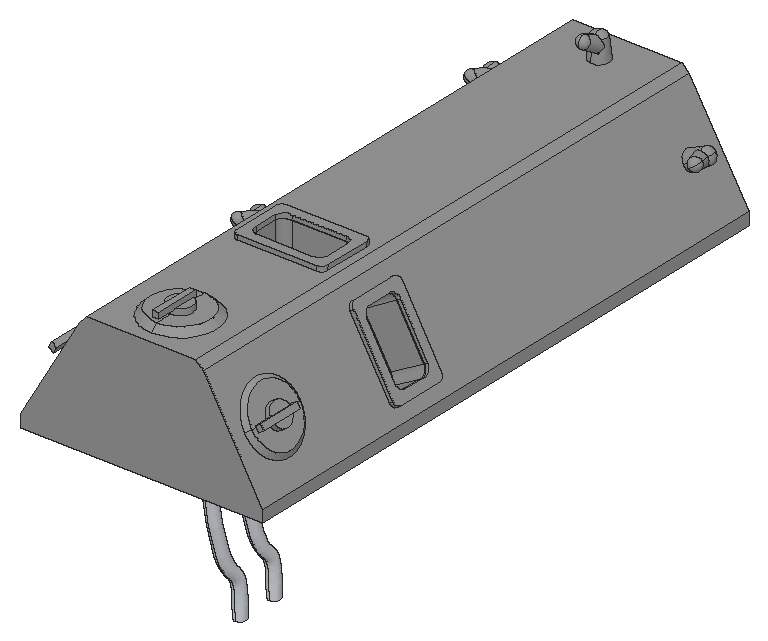
Revit family "3_Station_Surface_Shower-Willoughby-CWTS-HCA-L", category Plumbing Fixtures, Revit 2015
Parameters (values of type "Standard")
  Waste Connection = no
  Vent Connection = yes
  URL = "https://www.willoughby-ind.com/wp-content/uploads/2018/01/CWTS-HCA.pdf"
  Revision = "A"
  Model = "CWTS-HCA-L"
  Manufacturer = "Willoughby Industries"
  HW Connection = yes
  HCW DIA = 1/2"
  Fixture Body = Stainless Steel AISI 304-Willoughby
  Description = "Handicap Accessible 3 Station Surface Shower, Left Hand HCA Shower Station"
  Default Elevation = 0' - 0"
  Contact = "(800) 428-4065"
  CW Connection = yes
Reference planes (in)
  plane 1 "Center (Front/Back)": y = 0
  plane 2: z = 0
  plane 3 "Center (Left/Right)": x = 0
  plane 4 "Unit Left": x = -10
  plane 5 "Unit Right": x = 10
  plane 6: x = -4.5
  plane 7: x = 4.5
  plane 8: z = 9.5
  plane 9 "Shower HGT": y = 69.875
  plane 10 "Top Of Unit": y = 74.875
  plane 11 "Bottom Of Unit": y = 50.875
  plane 12: y = 54.875
  plane 13: y = 58.875
  plane 14: y = 98
  plane 15: y = 72
  plane 16: y = 98
  plane 17: through (7.54626, 0, 5.25) normal (-0.5, 0, 0.866)
  plane 18: through (-7.54626, 0, 5.25) normal (0.5, 0, 0.866)
  plane 19: y = 98
  plane 20: y = 74
Forms (in)
  Extrusion 1, solid, material "Stainless Steel AISI 304-Willoughby" <- "Fixture Body"
    sketch origin (0, 50.875, 0) x (-1, 0, 0) y (0, 0, 1)
      loop
        line (-10, 0) -> (10, 0) -> (10, 1) -> (5.09252, 9.5) -> (4.5, 10.09252) -> (-4.5, 10.09252) -> (-5.09252, 9.5) -> (-10, 1) -> (-10, 0)
    from 0 to 50
  Revolve 2, solid, material "Stainless Steel AISI 304-Willoughby" <- "Fixture Body"
    sketch origin (0, 28.5, 9.90502) x (0, 1, 0) y (0, 0, 1)
      loop
        line (69.5, 0.1875) -> (69.5, 2.28484)
        arc (69.5, 2.28484) -> (69.12162, 2.19469) -> (68.84934, 1.91689) r 0.70187
        line (68.84934, 1.91689) -> (68.69804, 0.1875) -> (69.5, 0.1875)
      axis (69.5, 2.28484) -> (69.5, 0.1875)
    angle from 0 to 360
  Revolve 3, solid, material "Stainless Steel AISI 304-Willoughby" <- "Fixture Body"
    sketch origin (0, 28.8908, 9.77874) x (0, 1, 0) y (0, 0, 1)
      loop
        line (68.86396, 0.80717) -> (69.21616, 1.37081) -> (67.06125, 2.46981)
        arc (67.06125, 2.46981) -> (67.03111, 2.08823) -> (67.27967, 1.79714) r 0.5
        line (67.27967, 1.79714) -> (68.86396, 0.80717)
      axis (69.21616, 1.37081) -> (67.06125, 2.46981)
    angle from 0 to 360
  Extrusion 4, solid, material "Stainless Steel AISI 304-Willoughby" <- "Fixture Body", detail levels medium+fine
    sketch origin (0, 11.375, 9.90502) x (1, 0, 0) y (0, 1, 0)
      loop
        arc (-3.75, 54) -> (-3.60355, 53.64645) -> (-3.25, 53.5) r 0.5
        line (-3.25, 53.5) -> (3.25, 53.5)
        arc (3.25, 53.5) -> (3.60355, 53.64645) -> (3.75, 54) r 0.5
        line (3.75, 54) -> (3.75, 58)
        arc (3.75, 58) -> (3.60355, 58.35355) -> (3.25, 58.5) r 0.5
        line (3.25, 58.5) -> (-3.25, 58.5)
        arc (-3.25, 58.5) -> (-3.60355, 58.35355) -> (-3.75, 58) r 0.5
        line (-3.75, 58) -> (-3.75, 54)
      loop
        arc (-3, 55) -> (-2.78033, 54.46967) -> (-2.25, 54.25) r 0.75
        line (-2.25, 54.25) -> (2.25, 54.25)
        arc (2.25, 54.25) -> (2.78033, 54.46967) -> (3, 55) r 0.75
        line (3, 55) -> (3, 57)
        arc (3, 57) -> (2.78033, 57.53033) -> (2.25, 57.75) r 0.75
        line (2.25, 57.75) -> (-2.25, 57.75)
        arc (-2.25, 57.75) -> (-2.78033, 57.53033) -> (-3, 57) r 0.75
        line (-3, 57) -> (-3, 55)
    from 0.1875 to 0.5625
  Extrusion 5, void
    sketch origin (0, 11.375, 9.90502) x (1, 0, 0) y (0, 1, 0)
      loop
        line (-3, 57) -> (-3, 55)
        arc (-3, 55) -> (-2.78033, 54.46967) -> (-2.25, 54.25) r 0.75
        line (-2.25, 54.25) -> (2.25, 54.25)
        arc (2.25, 54.25) -> (2.78033, 54.46967) -> (3, 55) r 0.75
        line (3, 55) -> (3, 57)
        arc (3, 57) -> (2.78033, 57.53033) -> (2.25, 57.75) r 0.75
        line (2.25, 57.75) -> (-2.25, 57.75)
        arc (-2.25, 57.75) -> (-2.78033, 57.53033) -> (-3, 57) r 0.75
    from 0.5625 to -3
  Revolve 6, solid, material "Stainless Steel AISI 304-Willoughby" <- "Fixture Body"
    sketch origin (0, -6.625, 0.59252) x (0, 1, 0) y (0, 0, 1)
      loop
        line (61.5, 9.5) -> (61.5, 10.5) -> (60.5, 10.5) -> (60.5, 10.03033) -> (59.03033, 10.03033) -> (58.5, 9.5) -> (61.5, 9.5)
      axis (61.5, 10.5) -> (61.5, 9.5)
    angle from 0 to 360
  Extrusion 7, solid, material "Stainless Steel AISI 304-Willoughby" <- "Fixture Body"
    sketch origin (0, -6.625, 0.45747) x (0, 1, 0) y (0, 0, 1)
      loop
        line (62.5, 10.5) -> (62.75, 10.5) -> (62.75, 11) -> (59, 11) -> (59, 10.5) -> (62.5, 10.5)
    from -0.25 to 0.25
  Revolve 8, solid, material "Stainless Steel AISI 304-Willoughby" <- "Fixture Body"
    sketch origin (7.38388, 28.5, 5.15625) x (0, 1, 0) y (0.866025, 0, 0.5)
      loop
        line (69.5, 0.1875) -> (69.5, 2.28484)
        arc (69.5, 2.28484) -> (69.12162, 2.19469) -> (68.84934, 1.91689) r 0.70187
        line (68.84934, 1.91689) -> (68.69804, 0.1875) -> (69.5, 0.1875)
      axis (69.5, 2.28484) -> (69.5, 0.1875)
    angle from 0 to 360
  Revolve 9, solid, material "Stainless Steel AISI 304-Willoughby" <- "Fixture Body"
    sketch origin (7.27452, 28.8908, 5.09311) x (0, 1, 0) y (0.866025, 0, 0.5)
      loop
        line (68.86396, 0.80717) -> (69.21616, 1.37081) -> (67.06125, 2.46981)
        arc (67.06125, 2.46981) -> (67.03111, 2.08823) -> (67.27967, 1.79714) r 0.5
        line (67.27967, 1.79714) -> (68.86396, 0.80717)
      axis (69.21616, 1.37081) -> (67.06125, 2.46981)
    angle from 0 to 360
  Extrusion 10, solid, material "Stainless Steel AISI 304-Willoughby" <- "Fixture Body", detail levels medium+fine
    sketch origin (7.38388, 11.375, 5.15625) x (0.5, 0, -0.866025) y (0, 1, 0)
      loop
        arc (-3.75, 54) -> (-3.60355, 53.64645) -> (-3.25, 53.5) r 0.5
        line (-3.25, 53.5) -> (3.25, 53.5)
        arc (3.25, 53.5) -> (3.60355, 53.64645) -> (3.75, 54) r 0.5
        line (3.75, 54) -> (3.75, 58)
        arc (3.75, 58) -> (3.60355, 58.35355) -> (3.25, 58.5) r 0.5
        line (3.25, 58.5) -> (-3.25, 58.5)
        arc (-3.25, 58.5) -> (-3.60355, 58.35355) -> (-3.75, 58) r 0.5
        line (-3.75, 58) -> (-3.75, 54)
      loop
        arc (-3, 55) -> (-2.78033, 54.46967) -> (-2.25, 54.25) r 0.75
        line (-2.25, 54.25) -> (2.25, 54.25)
        arc (2.25, 54.25) -> (2.78033, 54.46967) -> (3, 55) r 0.75
        line (3, 55) -> (3, 57)
        arc (3, 57) -> (2.78033, 57.53033) -> (2.25, 57.75) r 0.75
        line (2.25, 57.75) -> (-2.25, 57.75)
        arc (-2.25, 57.75) -> (-2.78033, 57.53033) -> (-3, 57) r 0.75
        line (-3, 57) -> (-3, 55)
    from 0.1875 to 0.5625
  Extrusion 11, void
    sketch origin (7.38388, 11.375, 5.15625) x (0.5, 0, -0.866025) y (0, 1, 0)
      loop
        line (-3, 57) -> (-3, 55)
        arc (-3, 55) -> (-2.78033, 54.46967) -> (-2.25, 54.25) r 0.75
        line (-2.25, 54.25) -> (2.25, 54.25)
        arc (2.25, 54.25) -> (2.78033, 54.46967) -> (3, 55) r 0.75
        line (3, 55) -> (3, 57)
        arc (3, 57) -> (2.78033, 57.53033) -> (2.25, 57.75) r 0.75
        line (2.25, 57.75) -> (-2.25, 57.75)
        arc (-2.25, 57.75) -> (-2.78033, 57.53033) -> (-3, 57) r 0.75
    from 0.5625 to -3
  Revolve 12, solid, material "Stainless Steel AISI 304-Willoughby" <- "Fixture Body"
    sketch origin (-0.79794, -6.625, 0.43247) x (0, 1, 0) y (0.866025, 0, 0.5)
      loop
        line (61.5, 9.5) -> (61.5, 10.5) -> (60.5, 10.5) -> (60.5, 10.03033) -> (59.03033, 10.03033) -> (58.5, 9.5) -> (61.5, 9.5)
      axis (61.5, 10.5) -> (61.5, 9.5)
    angle from 0 to 360
  Extrusion 13, solid, material "Stainless Steel AISI 304-Willoughby" <- "Fixture Body"
    sketch origin (-0.79794, -6.625, 0.43247) x (0, 1, 0) y (0.866025, 0, 0.5)
      loop
        line (62.5, 10.5) -> (62.75, 10.5) -> (62.75, 11) -> (59, 11) -> (59, 10.5) -> (62.5, 10.5)
    from -0.25 to 0.25
  Revolve 14, solid, material "Stainless Steel AISI 304-Willoughby" <- "Fixture Body"
    sketch origin (-7.38388, 28.5, 5.15625) x (0, 1, 0) y (0.866025, 0, -0.5)
      loop
        line (69.5, -0.1875) -> (68.69804, -0.1875) -> (68.84934, -1.91689)
        arc (68.84934, -1.91689) -> (69.12162, -2.19469) -> (69.5, -2.28484) r 0.70187
        line (69.5, -2.28484) -> (69.5, -0.1875)
      axis (69.5, -2.28484) -> (69.5, -0.1875)
    angle from 0 to 360
  Revolve 15, solid, material "Stainless Steel AISI 304-Willoughby" <- "Fixture Body"
    sketch origin (-7.27452, 28.8908, 5.09311) x (0, 1, 0) y (0.866025, 0, -0.5)
      loop
        line (68.86396, -0.80717) -> (67.27967, -1.79714)
        arc (67.27967, -1.79714) -> (67.03111, -2.08823) -> (67.06125, -2.46981) r 0.5
        line (67.06125, -2.46981) -> (69.21616, -1.37081) -> (68.86396, -0.80717)
      axis (69.21616, -1.37081) -> (67.06125, -2.46981)
    angle from 0 to 360
  Extrusion 16, solid, material "Stainless Steel AISI 304-Willoughby" <- "Fixture Body", detail levels medium+fine
    sketch origin (-7.38388, 11.375, 5.15625) x (-0.5, 0, -0.866025) y (0, -1, 0)
      loop
        line (-3.75, -54) -> (-3.75, -58)
        arc (-3.75, -58) -> (-3.60355, -58.35355) -> (-3.25, -58.5) r 0.5
        line (-3.25, -58.5) -> (3.25, -58.5)
        arc (3.25, -58.5) -> (3.60355, -58.35355) -> (3.75, -58) r 0.5
        line (3.75, -58) -> (3.75, -54)
        arc (3.75, -54) -> (3.60355, -53.64645) -> (3.25, -53.5) r 0.5
        line (3.25, -53.5) -> (-3.25, -53.5)
        arc (-3.25, -53.5) -> (-3.60355, -53.64645) -> (-3.75, -54) r 0.5
      loop
        line (-3, -55) -> (-3, -57)
        arc (-3, -57) -> (-2.78033, -57.53033) -> (-2.25, -57.75) r 0.75
        line (-2.25, -57.75) -> (2.25, -57.75)
        arc (2.25, -57.75) -> (2.78033, -57.53033) -> (3, -57) r 0.75
        line (3, -57) -> (3, -55)
        arc (3, -55) -> (2.78033, -54.46967) -> (2.25, -54.25) r 0.75
        line (2.25, -54.25) -> (-2.25, -54.25)
        arc (-2.25, -54.25) -> (-2.78033, -54.46967) -> (-3, -55) r 0.75
    from 0.1875 to 0.5625
  Extrusion 17, void
    sketch origin (-7.38388, 11.375, 5.15625) x (-0.5, 0, -0.866025) y (0, -1, 0)
      loop
        arc (-3, -57) -> (-2.78033, -57.53033) -> (-2.25, -57.75) r 0.75
        line (-2.25, -57.75) -> (2.25, -57.75)
        arc (2.25, -57.75) -> (2.78033, -57.53033) -> (3, -57) r 0.75
        line (3, -57) -> (3, -55)
        arc (3, -55) -> (2.78033, -54.46967) -> (2.25, -54.25) r 0.75
        line (2.25, -54.25) -> (-2.25, -54.25)
        arc (-2.25, -54.25) -> (-2.78033, -54.46967) -> (-3, -55) r 0.75
        line (-3, -55) -> (-3, -57)
    from 0.5625 to -3
  Revolve 18, solid, material "Stainless Steel AISI 304-Willoughby" <- "Fixture Body"
    sketch origin (0.79794, -6.625, 0.43247) x (0, 1, 0) y (0.866025, 0, -0.5)
      loop
        line (61.5, -9.5) -> (58.5, -9.5) -> (59.03033, -10.03033) -> (60.5, -10.03033) -> (60.5, -10.5) -> (61.5, -10.5) -> (61.5, -9.5)
      axis (61.5, -10.5) -> (61.5, -9.5)
    angle from 0 to 360
  Extrusion 19, solid, material "Stainless Steel AISI 304-Willoughby" <- "Fixture Body"
    sketch origin (0.79794, -6.625, 0.43247) x (0, 1, 0) y (0.866025, 0, -0.5)
      loop
        line (62.5, -10.5) -> (59, -10.5) -> (59, -11) -> (62.75, -11) -> (62.75, -10.5) -> (62.5, -10.5)
    from -0.25 to 0.25
  Sweep 20, solid
    path origin (0, -9.54937, 0.05681) x (0, 1, 0) y (0, 0, 1)
      loop
        spline (66.24397, 4.06332) -> (66.79783, -0.61575) -> (67.3435, -4.19488) -> (67.87276, -6.83413) -> (68.37738, -8.69359) -> (68.84913, -9.93334) -> (69.27978, -10.71345) -> (69.66111, -11.194) -> (69.98487, -11.53506) -> (70.24286, -11.89674) -> (70.42855, -12.45422) -> (70.54041, -13.42679) -> (70.57784, -15.04169)
    profile origin (0, 59.73042, -10.65664) x (0, 0.828914, 0.559375) y (1, 0, 0)
      loop
        circle (0, 0) r 0.5
  Sweep 21, solid
    path origin (0, -6.04937, 0.05681) x (0, 1, 0) y (0, 0, 1)
      loop
        spline (66.24397, 4.06332) -> (66.79783, -0.61575) -> (67.3435, -4.19488) -> (67.87276, -6.83413) -> (68.37738, -8.69359) -> (68.84913, -9.93334) -> (69.27978, -10.71345) -> (69.66111, -11.194) -> (69.98487, -11.53506) -> (70.24286, -11.89674) -> (70.42855, -12.45422) -> (70.54041, -13.42679) -> (70.57784, -15.04169)
    profile origin (0, 63.23042, -10.65664) x (0, 0.828914, 0.559375) y (1, 0, 0)
      loop
        circle (0, 0) r 0.5
  Revolve 22, solid, material "Stainless Steel AISI 304-Willoughby" <- "Fixture Body"
    sketch origin (-7.38388, 4.5, 5.15625) x (0, 1, 0) y (0.866025, 0, -0.5)
      loop
        line (69.5, -0.1875) -> (68.69804, -0.1875) -> (68.84934, -1.91689)
        arc (68.84934, -1.91689) -> (69.12162, -2.19469) -> (69.5, -2.28484) r 0.70187
        line (69.5, -2.28484) -> (69.5, -0.1875)
      axis (69.5, -2.28484) -> (69.5, -0.1875)
    angle from 0 to 360
  Revolve 23, solid, material "Stainless Steel AISI 304-Willoughby" <- "Fixture Body"
    sketch origin (-7.27452, 4.8908, 5.09311) x (0, 1, 0) y (0.866025, 0, -0.5)
      loop
        line (68.86396, -0.80717) -> (67.27967, -1.79714)
        arc (67.27967, -1.79714) -> (67.03111, -2.08823) -> (67.06125, -2.46981) r 0.5
        line (67.06125, -2.46981) -> (69.21616, -1.37081) -> (68.86396, -0.80717)
      axis (69.21616, -1.37081) -> (67.06125, -2.46981)
    angle from 0 to 360
  Revolve 24, solid
    sketch origin (-0.57231, 63.6015, -0.98792) x (0.75, 0.5, -0.433013) y (0.433013, -0.866025, -0.25)
      loop
        line (-9.04481, -2.65109) -> (-9.91084, -3.15109) -> (-9.47334, -3.90886)
        arc (-9.47334, -3.90886) -> (-9.39744, -3.9671) -> (-9.30258, -3.95461) r 0.125
        line (-9.30258, -3.95461) -> (-8.54481, -3.51711) -> (-9.04481, -2.65109)
      axis (-9.04481, -2.65109) -> (-9.91084, -3.15109)
    angle from 0 to 360
  Revolve 25, solid
    sketch origin (-0.57231, 63.6015, -0.98792) x (0.75, 0.5, -0.433013) y (0.433013, -0.866025, -0.25)
      loop
        line (-9.74884, -3.05756) -> (-11.03009, -0.83837)
        arc (-11.03009, -0.83837) -> (-11.11745, -0.95222) -> (-11.09872, -1.09449) r 0.1875
        line (-11.09872, -1.09449) -> (-10.41122, -2.28528) -> (-9.91122, -3.15131) -> (-9.74884, -3.05756)
      axis (-9.74884, -3.05756) -> (-11.03009, -0.83837)
    angle from 0 to 360
Cuts and joins
  Extrusion 5, Extrusion 11, Extrusion 17 cuts Extrusion 1
  Extrusion 5, Extrusion 11 cuts Extrusion 4
  Extrusion 11, Extrusion 17 cuts Extrusion 10
  Extrusion 17 cuts Extrusion 16
Lines and regions (in)
  symbolic lines, detail levels medium+fine
    curve 1: line (0.49645, 70.49382, 0) -> (0.5999, 71.4781, 0)
  symbolic lines, detail levels fine
    curve 2: line (-3.25, 63.125, 0) -> (3.25, 63.125, 0)
    curve 3: line (3.75, 62.625, 0) -> (3.75, 58.625, 0)
    curve 4: line (3.25, 58.125, 0) -> (-3.25, 58.125, 0)
    curve 5: line (-3.75, 58.625, 0) -> (-3.75, 62.625, 0)
    curve 6: line (-2.25, 62.375, 0) -> (2.25, 62.375, 0)
    curve 7: line (3, 61.625, 0) -> (3, 59.625, 0)
    curve 8: line (2.25, 58.875, 0) -> (-2.25, 58.875, 0)
    curve 9: line (-3, 59.625, 0) -> (-3, 61.625, 0)
    curve 10: arc (-3.75, 62.625, 0) -> (-3.60355, 62.97855, 0) -> (-3.25, 63.125, 0) r 0.5
    curve 11: arc (3.25, 63.125, 0) -> (3.60355, 62.97855, 0) -> (3.75, 62.625, 0) r 0.5
    curve 12: arc (3.75, 58.625, 0) -> (3.60355, 58.27145, 0) -> (3.25, 58.125, 0) r 0.5
    curve 13: arc (-3.25, 58.125, 0) -> (-3.60355, 58.27145, 0) -> (-3.75, 58.625, 0) r 0.5
    curve 14: arc (-3, 61.625, 0) -> (-2.78033, 62.15533, 0) -> (-2.25, 62.375, 0) r 0.75
    curve 15: arc (2.25, 62.375, 0) -> (2.78033, 62.15533, 0) -> (3, 61.625, 0) r 0.75
    curve 16: arc (3, 59.625, 0) -> (2.78033, 59.09467, 0) -> (2.25, 58.875, 0) r 0.75
    curve 17: arc (-2.25, 58.875, 0) -> (-2.78033, 59.09467, 0) -> (-3, 59.625, 0) r 0.75
  symbolic lines
    curve 18: line (0, 50.875, 0) -> (0, 74.875, 0)
    curve 19: line (0, 74.875, 0) -> (0, 74.875, 10.09252)
    curve 20: line (0, 74.875, 10.09252) -> (0, 50.875, 10.09252)
    curve 21: line (0, 50.875, 10.09252) -> (0, 50.875, 0)
    curve 22: line (0, 50.875, 1) -> (0, 74.875, 1)
    curve 23: line (0, 50.875, 9.5) -> (0, 74.875, 9.5)
    curve 24: line (0, 63.125, 10.09252) -> (0, 63.125, 10.46752)
    curve 25: line (0, 63.125, 10.46752) -> (0, 58.125, 10.46752)
    curve 26: line (0, 58.125, 10.46752) -> (0, 58.125, 10.09252)
    curve 27: line (0, 57.875, 10.09252) -> (0, 57.34467, 10.62285)
    curve 28: line (0, 57.34467, 10.62285) -> (0, 52.40533, 10.62285)
    curve 29: line (0, 52.40533, 10.62285) -> (0, 51.875, 10.09252)
    curve 30: line (0, 55.875, 10.62285) -> (0, 55.875, 10.95747)
    curve 31: line (0, 53.875, 10.62285) -> (0, 53.875, 10.95747)
    curve 32: line (0, 53.875, 10.95747) -> (0, 52.375, 10.95747)
    curve 33: line (0, 52.375, 10.95747) -> (0, 52.375, 11.45747)
    curve 34: line (0, 52.375, 11.45747) -> (0, 56.125, 11.45747)
    curve 35: line (0, 56.125, 11.45747) -> (0, 56.125, 10.95747)
    curve 36: line (0, 56.125, 10.95747) -> (0, 55.875, 10.95747)
    curve 37: line (0, 72.80196, 10.09252) -> (0, 72.65066, 11.82191)
    curve 38: line (0, 71.19804, 10.09252) -> (0, 71.26764, 10.88802)
    curve 39: line (0, 71.26764, 10.88802) -> (0, 70.17047, 11.57588)
    curve 40: line (0, 71.59201, 12.08037) -> (0, 70.62479, 12.46672)
    curve 41: arc (0, 72.65066, 11.82191) -> (0, 72, 12.20154) -> (0, 71.34934, 11.82191) r 0.7474
    curve 42: arc (0, 70.62479, 12.46672) -> (0, 69.92599, 12.26184) -> (0, 70.17047, 11.57588) r 0.50082
    curve 43: line (0, 72.79617, 5.4068) -> (0, 72.6485, 6.16649)
    curve 44: line (0, 71.20655, 5.34847) -> (0, 71.2143, 5.39245)
    curve 45: line (0, 71.2143, 5.39245) -> (0, 70.17724, 5.76991)
    curve 46: line (0, 71.56605, 6.53737) -> (0, 70.51704, 6.70352)
    curve 47: spline (0, 70.51704, 6.70352) -> (0, 70.4031, 6.72698) -> (0, 70.28534, 6.71703) -> (0, 70.17179, 6.67434) -> (0, 70.07019, 6.60184) -> (0, 69.98747, 6.50445) -> (0, 69.92926, 6.38881) -> (0, 69.89952, 6.26281) -> (0, 69.90029, 6.13503) -> (0, 69.93151, 6.01418) -> (0, 69.99106, 5.9085) -> (0, 70.07487, 5.82518) -> (0, 70.17724, 5.76991)
    curve 48: arc (0, 72.6485, 6.16649) -> (0, 72.20813, 6.64629) -> (0, 71.56605, 6.53737) r 0.68153
    curve 49: arc (0, 72.65857, 6.1147) -> (0, 72.22724, 5.59794) -> (0, 71.56093, 5.69335) r 0.69096
    curve 50: arc (0, 71.56093, 5.69335) -> (0, 71.59887, 6.11442) -> (0, 71.56093, 6.53549) r 2.3559
    curve 51: line (0, 71.2143, 5.39245) -> (0, 71.52352, 5.27991)
    curve 52: line (0, 71.52352, 5.27991) -> (0, 71.62582, 5.27455)
    curve 53: arc (0, 71.62582, 5.27455) -> (0, 71.69267, 5.30292) -> (0, 71.71147, 5.37307) r 0.08284
    curve 54: arc (0, 71.71147, 5.37307) -> (0, 71.68871, 5.45244) -> (0, 71.65251, 5.52666) r 0.47368
    curve 55: line (0, 71.65251, 5.52666) -> (0, 71.57165, 5.68535)
    curve 56: arc (0, 72.79617, 5.4068) -> (0, 72.59448, 4.79677) -> (0, 72, 4.55302) r 0.76864
    curve 57: arc (0, 72, 4.55302) -> (0, 71.40214, 4.78085) -> (0, 71.2143, 5.39245) r 0.72888
    curve 58: arc (0, 62.375, 7.38606) -> (0, 62.1342, 7.86578) -> (0, 61.625, 8.03558) r 0.70273
    curve 59: line (0, 61.625, 8.03558) -> (0, 59.625, 8.03558)
    curve 60: arc (0, 59.625, 8.03558) -> (0, 59.12892, 7.85063) -> (0, 58.875, 7.38606) r 0.75777
    curve 61: line (0, 58.875, 7.38606) -> (0, 58.875, 3.48894)
    curve 62: arc (0, 58.875, 3.48894) -> (0, 59.10163, 2.99286) -> (0, 59.625, 2.83942) r 0.65625
    curve 63: line (0, 59.625, 2.83942) -> (0, 61.625, 2.83942)
    curve 64: arc (0, 61.625, 2.83942) -> (0, 62.12108, 3.02437) -> (0, 62.375, 3.48894) r 0.75777
    curve 65: line (0, 62.375, 3.48894) -> (0, 62.375, 7.38606)
    curve 66: line (0, 62.69199, 8.6851) -> (0, 58.625, 8.6851)
    curve 67: line (0, 58.125, 8.25208) -> (0, 58.125, 2.62292)
    curve 68: line (0, 58.625, 2.1899) -> (0, 62.625, 2.1899)
    curve 69: line (0, 63.125, 2.6899) -> (0, 63.125, 8.25208)
    curve 70: arc (0, 63.125, 8.25208) -> (0, 62.99817, 8.55827) -> (0, 62.69199, 8.6851) r 0.43301
    curve 71: arc (0, 58.625, 8.6851) -> (0, 58.27609, 8.5828) -> (0, 58.125, 8.25208) r 0.4375
    curve 72: arc (0, 58.125, 2.62292) -> (0, 58.29428, 2.3132) -> (0, 58.625, 2.1899) r 0.50518
    curve 73: arc (0, 62.625, 2.1899) -> (0, 62.97855, 2.33635) -> (0, 63.125, 2.6899) r 0.5
    curve 74: spline (0, 57.34467, 5.44764) -> (0, 57.26052, 5.99854) -> (0, 57.0138, 6.51189) -> (0, 56.62132, 6.95272) -> (0, 56.10983, 7.29097) -> (0, 55.5142, 7.50361) -> (0, 54.875, 7.57614) -> (0, 54.2358, 7.50361) -> (0, 53.64017, 7.29097) -> (0, 53.12868, 6.95272) -> (0, 52.7362, 6.51189) -> (0, 52.48948, 5.99854) -> (0, 52.40533, 5.44764)
    curve 75: spline (0, 52.40533, 5.44764) -> (0, 52.48948, 4.88997) -> (0, 52.7362, 4.37031) -> (0, 53.12868, 3.92406) -> (0, 53.64017, 3.58165) -> (0, 54.2358, 3.36639) -> (0, 54.875, 3.29298) -> (0, 55.5142, 3.36639) -> (0, 56.10983, 3.58165) -> (0, 56.62132, 3.92406) -> (0, 57.0138, 4.37031) -> (0, 57.26052, 4.88997) -> (0, 57.34467, 5.44764)
    curve 76: spline (0, 52.0291, 5.44759) -> (0, 52.1259, 4.73584) -> (0, 52.40971, 4.07259) -> (0, 52.86119, 3.50305) -> (0, 53.44958, 3.06602) -> (0, 54.13476, 2.79129) -> (0, 54.87006, 2.69759) -> (0, 55.60535, 2.79129) -> (0, 56.29054, 3.06602) -> (0, 56.87892, 3.50305) -> (0, 57.3304, 4.07259) -> (0, 57.61422, 4.73584) -> (0, 57.71102, 5.44759)
    curve 77: spline (0, 57.71102, 5.44759) -> (0, 57.61422, 6.02993) -> (0, 57.3304, 6.57259) -> (0, 56.87892, 7.03858) -> (0, 56.29054, 7.39615) -> (0, 55.60535, 7.62092) -> (0, 54.87006, 7.69759) -> (0, 54.13476, 7.62092) -> (0, 53.44958, 7.39615) -> (0, 52.86119, 7.03858) -> (0, 52.40971, 6.57259) -> (0, 52.1259, 6.02993) -> (0, 52.0291, 5.44759)
    curve 78: line (0, 56.125, 6.14898) -> (0, 52.375, 6.14898)
    curve 79: line (0, 52.375, 6.14898) -> (0, 52.375, 5.46597)
    curve 80: line (0, 52.375, 5.46597) -> (0, 56.125, 5.46597)
    curve 81: line (0, 56.125, 5.46597) -> (0, 56.125, 6.14898)
    curve 82: line (0, 56.125, 5.71597) -> (0, 52.375, 5.71597)
    curve 83: spline (0, 55.875, 5.46597) -> (0, 55.84093, 5.23747) -> (0, 55.74103, 5.02455) -> (0, 55.58211, 4.84171) -> (0, 55.375, 4.70141) -> (0, 55.13382, 4.61322) -> (0, 54.875, 4.58314) -> (0, 54.61618, 4.61322) -> (0, 54.375, 4.70141) -> (0, 54.16789, 4.84171) -> (0, 54.00897, 5.02455) -> (0, 53.90907, 5.23747) -> (0, 53.875, 5.46597)
    curve 84: spline (0, 53.875, 5.46597) -> (0, 53.90797, 5.29825) -> (0, 54.00463, 5.14196) -> (0, 54.15839, 5.00775) -> (0, 54.35877, 4.90477) -> (0, 54.59213, 4.84003) -> (0, 54.84255, 4.81795) -> (0, 55.09297, 4.84003) -> (0, 55.32632, 4.90477) -> (0, 55.52671, 5.00775) -> (0, 55.68047, 5.14196) -> (0, 55.77713, 5.29825) -> (0, 55.81009, 5.46597)
    curve 85: arc (0, 55.71829, 6.14898) -> (0, 54.87632, 6.5492) -> (0, 54.03435, 6.14898) r 1.08577
    curve 86: line (10, 50.875, 0) -> (10, 50.875, 1)
    curve 87: line (10, 50.875, 1) -> (5.09252, 50.875, 9.5)
    curve 88: line (5.09252, 50.875, 9.5) -> (4.5, 50.875, 10.09252)
    curve 89: line (4.5, 50.875, 10.09252) -> (-4.5, 50.875, 10.09252)
    curve 90: line (-4.5, 50.875, 10.09252) -> (-5.09252, 50.875, 9.5)
    curve 91: line (-5.09252, 50.875, 9.5) -> (-10, 50.875, 1)
    curve 92: line (-10, 50.875, 1) -> (-10, 50.875, 0)
    curve 93: line (-10, 50.875, 0) -> (10, 50.875, 0)
    curve 94: line (9.42126, 50.875, 2.0024) -> (9.74602, 50.875, 2.1899)
    curve 95: line (9.74602, 50.875, 2.1899) -> (5.99602, 50.875, 8.6851)
    curve 96: line (5.99602, 50.875, 8.6851) -> (5.67126, 50.875, 8.4976)
    curve 97: line (3.75, 50.875, 10.09252) -> (3.75, 50.875, 10.46752)
    curve 98: line (3.75, 50.875, 10.46752) -> (-3.75, 50.875, 10.46752)
    curve 99: line (-3.75, 50.875, 10.46752) -> (-3.75, 50.875, 10.09252)
    curve 100: line (-5.67126, 50.875, 8.4976) -> (-5.99602, 50.875, 8.6851)
    curve 101: line (-5.99602, 50.875, 8.6851) -> (-9.74602, 50.875, 2.1899)
    curve 102: line (-9.74602, 50.875, 2.1899) -> (-9.42126, 50.875, 2.0024)
    curve 103: line (7.92126, 50.875, 4.60048) -> (9.36929, 50.875, 5.55121)
    curve 104: line (8.37102, 50.875, 4.57147) -> (8.79533, 50.875, 4.81645)
    curve 105: line (8.79533, 50.875, 4.81645) -> (8.64549, 50.875, 5.07599)
    curve 106: line (7.14485, 50.875, 5.94526) -> (8.71863, 50.875, 6.67818)
    curve 107: arc (8.71863, 50.875, 6.67818) -> (9.36756, 50.875, 6.30152) -> (9.36929, 50.875, 5.55121) r 0.75333
    curve 108: arc (8.94982, 50.875, 6.6407) -> (9.65511, 50.875, 6.46754) -> (9.45243, 50.875, 5.77017) r 0.50305
    curve 109: line (2.6126, 50.875, 10.46752) -> (2.45727, 50.875, 10.62285)
    curve 110: line (2.45727, 50.875, 10.62285) -> (0.74353, 50.875, 10.62285)
    curve 111: line (1, 50.875, 10.62285) -> (1, 50.875, 11.09252)
    curve 112: line (0.79779, 50.875, 10.09252) -> (0.65066, 50.875, 11.82191)
    curve 113: line (-0.79996, 50.875, 10.09252) -> (-0.65066, 50.875, 11.82191)
    curve 114: line (-0.71363, 50.875, 11.09252) -> (-1, 50.875, 11.09252)
    curve 115: line (-1, 50.875, 11.09252) -> (-1, 50.875, 10.62285)
    curve 116: line (1, 50.875, 11.09252) -> (0.71271, 50.875, 11.09252)
    curve 117: line (-0.75418, 50.875, 10.62285) -> (-2.46967, 50.875, 10.62285)
    curve 118: line (-2.46967, 50.875, 10.62285) -> (-2.625, 50.875, 10.46752)
    curve 119: line (-2.46967, 50.875, 10.62285) -> (-2.625, 50.875, 10.46752)
    curve 120: arc (0.65066, 50.875, 11.82191) -> (0, 50.875, 12.19591) -> (-0.65066, 50.875, 11.82191) r 0.75299
    curve 121: arc (0.51122, 50.875, 11.99577) -> (0, 50.875, 12.50699) -> (-0.51122, 50.875, 11.99577) r 0.51122
    curve 122: line (-7.79533, 50.875, 6.5485) -> (-7.37102, 50.875, 6.30353)
    curve 123: line (-7.79533, 50.875, 6.5485) -> (-7.93047, 50.875, 6.31443)
    curve 124: line (-7.93047, 50.875, 6.31443) -> (-8.71863, 50.875, 6.67818)
    curve 125: line (-8.79533, 50.875, 4.81645) -> (-8.65857, 50.875, 5.05333)
    curve 126: line (-8.79533, 50.875, 4.81645) -> (-8.37102, 50.875, 4.57147)
    curve 127: line (-8.65857, 50.875, 5.05333) -> (-9.36929, 50.875, 5.55121)
    curve 128: arc (-9.36929, 50.875, 5.55121) -> (-9.36713, 50.875, 6.30128) -> (-8.71863, 50.875, 6.67818) r 0.75383
    curve 129: arc (-8.94302, 50.875, 6.64266) -> (-9.64939, 50.875, 6.46424) -> (-9.45071, 50.875, 5.7633) r 0.50791
    curve 130: arc (-3, 54.875, 0) -> (0, 57.875, 0) -> (3, 54.875, 0) r 3
    curve 131: arc (3, 54.875, 0) -> (0, 51.875, 0) -> (-3, 54.875, 0) r 3
    curve 132: circle (0, 54.875, 0) r 2.46967 normal (0, 0, 1)
    curve 133: circle (0, 54.875, 0) r 1 normal (0, 0, 1)
    curve 134: line (-0.25, 56.125, 0) -> (0.25, 56.125, 0)
    curve 135: line (0.25, 56.125, 0) -> (0.25, 52.375, 0)
    curve 136: line (0.25, 52.375, 0) -> (-0.25, 52.375, 0)
    curve 137: line (-0.25, 52.375, 0) -> (-0.25, 56.125, 0)
    curve 138: line (6.24602, 63.125, 0) -> (9.49602, 63.125, 0)
    curve 139: line (9.74602, 62.625, 0) -> (9.74602, 58.625, 0)
    curve 140: line (9.49602, 58.125, 0) -> (5.92126, 58.125, 0)
    curve 141: line (5.67126, 58.625, 0) -> (5.67126, 62.625, 0)
    curve 142: line (5.99602, 62.625, 0) -> (5.99602, 58.625, 0)
    curve 143: line (9.42126, 58.625, 0) -> (9.42126, 62.625, 0)
    curve 144: line (8.67126, 58.875, 0) -> (6.74602, 58.875, 0)
    curve 145: line (5.92126, 63.125, 0) -> (6.24602, 63.125, 0)
    curve 146: arc (9.49602, 63.125, 0) -> (9.59756, 63.07229, 0) -> (9.67023, 62.98393, 0) r 0.28533
    curve 147: arc (9.67023, 62.98393, 0) -> (9.73326, 62.80977, 0) -> (9.74602, 62.625, 0) r 0.66759
    curve 148: arc (9.42126, 62.625, 0) -> (9.39932, 62.81762, 0) -> (9.3346, 63.00036, 0) r 0.85626
    curve 149: arc (9.3346, 63.00036, 0) -> (9.26769, 63.08203, 0) -> (9.17126, 63.125, 0) r 0.229
    curve 150: arc (5.67126, 62.625, 0) -> (5.69346, 62.81982, 0) -> (5.75891, 63.00465, 0) r 0.86605
    curve 151: arc (5.75891, 63.00465, 0) -> (5.82539, 63.08465, 0) -> (5.92126, 63.125, 0) r 0.21919
    curve 152: arc (5.99602, 62.625, 0) -> (6.01544, 62.80974, 0) -> (6.07284, 62.98641, 0) r 0.88857
    curve 153: arc (6.07284, 62.98641, 0) -> (6.14258, 63.07676, 0) -> (6.24602, 63.125, 0) r 0.24155
    curve 154: arc (9.67044, 58.26944, 0) -> (9.72823, 58.44297, 0) -> (9.74602, 58.625, 0) r 0.81795
    curve 155: arc (9.67044, 58.26944, 0) -> (9.5996, 58.17746, 0) -> (9.49602, 58.125, 0) r 0.2627
    curve 156: arc (9.42126, 58.625, 0) -> (9.40199, 58.44166, 0) -> (9.34503, 58.26634, 0) r 0.8818
    curve 157: arc (9.34503, 58.26634, 0) -> (9.2794, 58.17765, 0) -> (9.18243, 58.125, 0) r 0.25488
    curve 158: arc (5.99602, 58.625, 0) -> (6.01489, 58.44543, 0) -> (6.07069, 58.2737, 0) r 0.86369
    curve 159: arc (6.07069, 58.2737, 0) -> (6.1414, 58.17936, 0) -> (6.24602, 58.125, 0) r 0.2651
    curve 160: arc (5.67126, 58.625, 0) -> (5.69606, 58.42301, 0) -> (5.76899, 58.23302, 0) r 0.83493
    curve 161: arc (5.76899, 58.23302, 0) -> (5.83234, 58.16098, 0) -> (5.92126, 58.125, 0) r 0.20814
    curve 162: spline (7.4293, 57.875, 0) -> (7.04108, 57.77278, 0) -> (6.6793, 57.47308, 0) -> (6.36864, 56.99632, 0) -> (6.13027, 56.375, 0) -> (5.98042, 55.65146, 0) -> (5.9293, 54.875, 0) -> (5.98042, 54.09854, 0) -> (6.13027, 53.375, 0) -> (6.36864, 52.75368, 0) -> (6.6793, 52.27692, 0) -> (7.04108, 51.97722, 0) -> (7.4293, 51.875, 0)
    curve 163: spline (7.4293, 51.875, 0) -> (7.86195, 51.97722, 0) -> (8.2651, 52.27692, 0) -> (8.6113, 52.75368, 0) -> (8.87695, 53.375, 0) -> (9.04395, 54.09854, 0) -> (9.10091, 54.875, 0) -> (9.04395, 55.65146, 0) -> (8.87695, 56.375, 0) -> (8.6113, 56.99632, 0) -> (8.2651, 57.47308, 0) -> (7.86195, 57.77278, 0) -> (7.4293, 57.875, 0)
    curve 164: spline (7.88858, 57.34467, 0) -> (7.56506, 57.26052, 0) -> (7.26358, 57.0138, 0) -> (7.0047, 56.62132, 0) -> (6.80605, 56.10983, 0) -> (6.68118, 55.5142, 0) -> (6.63858, 54.875, 0) -> (6.68118, 54.2358, 0) -> (6.80605, 53.64017, 0) -> (7.0047, 53.12868, 0) -> (7.26358, 52.7362, 0) -> (7.56506, 52.48948, 0) -> (7.88858, 52.40533, 0)
    curve 165: spline (7.88858, 55.875, 0) -> (7.75917, 55.84093, 0) -> (7.63858, 55.74103, 0) -> (7.53503, 55.58211, 0) -> (7.45557, 55.375, 0) -> (7.40562, 55.13382, 0) -> (7.38858, 54.875, 0) -> (7.40562, 54.61618, 0) -> (7.45557, 54.375, 0) -> (7.53503, 54.16789, 0) -> (7.63858, 54.00897, 0) -> (7.75917, 53.90907, 0) -> (7.88858, 53.875, 0)
    curve 166: spline (8.17033, 55.82644, 0) -> (8.07207, 55.79382, 0) -> (7.9805, 55.69818, 0) -> (7.90187, 55.54605, 0) -> (7.84153, 55.34778, 0) -> (7.8036, 55.1169, 0) -> (7.79067, 54.86913, 0) -> (7.8036, 54.62136, 0) -> (7.84153, 54.39048, 0) -> (7.90187, 54.19221, 0) -> (7.9805, 54.04008, 0) -> (8.07207, 53.94444, 0) -> (8.17033, 53.91183, 0)
    curve 167: line (8.17033, 56.125, 0) -> (8.85334, 56.125, 0)
    curve 168: line (8.85334, 56.125, 0) -> (8.85334, 52.375, 0)
    curve 169: line (8.85334, 52.375, 0) -> (8.17033, 52.375, 0)
    curve 170: line (8.17033, 52.375, 0) -> (8.17033, 56.125, 0)
    curve 171: line (8.60334, 56.125, 0) -> (8.60334, 52.375, 0)
    curve 172: line (-6.24602, 63.125, 0) -> (-9.49602, 63.125, 0)
    curve 173: line (-9.74602, 62.625, 0) -> (-9.74602, 58.625, 0)
    curve 174: line (-9.49602, 58.125, 0) -> (-5.92126, 58.125, 0)
    curve 175: line (-5.67126, 58.625, 0) -> (-5.67126, 62.625, 0)
    curve 176: line (-5.99602, 62.625, 0) -> (-5.99602, 58.625, 0)
    curve 177: line (-9.42126, 58.625, 0) -> (-9.42126, 62.625, 0)
    curve 178: arc (-9.49602, 63.125, 0) -> (-9.59756, 63.07229, 0) -> (-9.67023, 62.98393, 0) r 0.28533
    curve 179: arc (-9.67023, 62.98393, 0) -> (-9.73326, 62.80977, 0) -> (-9.74602, 62.625, 0) r 0.66759
    curve 180: arc (-9.42126, 62.625, 0) -> (-9.39932, 62.81762, 0) -> (-9.3346, 63.00036, 0) r 0.85626
    curve 181: arc (-9.3346, 63.00036, 0) -> (-9.26769, 63.08203, 0) -> (-9.17126, 63.125, 0) r 0.229
    curve 182: arc (-5.67126, 62.625, 0) -> (-5.69346, 62.81982, 0) -> (-5.75891, 63.00465, 0) r 0.86605
    curve 183: arc (-5.75891, 63.00465, 0) -> (-5.82539, 63.08465, 0) -> (-5.92126, 63.125, 0) r 0.21919
    curve 184: arc (-5.99602, 62.625, 0) -> (-6.01544, 62.80974, 0) -> (-6.07284, 62.98641, 0) r 0.88857
    curve 185: arc (-6.07284, 62.98641, 0) -> (-6.14258, 63.07676, 0) -> (-6.24602, 63.125, 0) r 0.24155
    curve 186: arc (-9.67044, 58.26944, 0) -> (-9.72823, 58.44297, 0) -> (-9.74602, 58.625, 0) r 0.81795
    curve 187: arc (-9.67044, 58.26944, 0) -> (-9.5996, 58.17746, 0) -> (-9.49602, 58.125, 0) r 0.2627
    curve 188: arc (-9.42126, 58.625, 0) -> (-9.40199, 58.44166, 0) -> (-9.34503, 58.26634, 0) r 0.8818
    curve 189: arc (-9.34503, 58.26634, 0) -> (-9.2794, 58.17765, 0) -> (-9.18243, 58.125, 0) r 0.25488
    curve 190: arc (-5.99602, 58.625, 0) -> (-6.01489, 58.44543, 0) -> (-6.07069, 58.2737, 0) r 0.86369
    curve 191: arc (-6.07069, 58.2737, 0) -> (-6.1414, 58.17936, 0) -> (-6.24602, 58.125, 0) r 0.2651
    curve 192: arc (-5.67126, 58.625, 0) -> (-5.69606, 58.42301, 0) -> (-5.76899, 58.23302, 0) r 0.83493
    curve 193: arc (-5.76899, 58.23302, 0) -> (-5.83234, 58.16098, 0) -> (-5.92126, 58.125, 0) r 0.20814
    curve 194: line (7.54626, 72.80196, 0) -> (9.04396, 72.65066, 0)
    curve 195: arc (9.04396, 72.65066, 0) -> (9.44839, 72.19028, 0) -> (9.34938, 71.58553, 0) r 0.71699
    curve 196: arc (9.34938, 71.58553, 0) -> (9.49566, 71.09715, 0) -> (9.66438, 70.61605, 0) r 11.01573
    curve 197: arc (9.66438, 70.61605, 0) -> (9.70316, 70.25538, 0) -> (9.47914, 69.97006, 0) r 0.48132
    curve 198: arc (9.47914, 69.97006, 0) -> (9.06548, 69.92758, 0) -> (8.75579, 70.20509, 0) r 0.51396
    curve 199: line (8.75579, 70.20509, 0) -> (8.14138, 71.3135, 0)
    curve 200: line (8.1701, 71.26169, 0) -> (7.63661, 71.20562, 0)
    curve 201: arc (7.63661, 71.20562, 0) -> (7.51944, 71.19779, 0) -> (7.41201, 71.24522, 0) r 0.24578
    curve 202: arc (7.41201, 71.24522, 0) -> (7.198, 71.59471, 0) -> (7.13729, 72, 0) r 1.02951
    curve 203: arc (7.13729, 72, 0) -> (7.18365, 72.31093, 0) -> (7.28869, 72.60723, 0) r 1.63414
    curve 204: arc (7.28869, 72.60723, 0) -> (7.34654, 72.69625, 0) -> (7.42664, 72.76593, 0) r 0.38235
    curve 205: arc (7.42664, 72.76593, 0) -> (7.48286, 72.79586, 0) -> (7.54626, 72.80196, 0) r 0.16301
    curve 206: arc (9.34938, 71.58553, 0) -> (9.07257, 71.58604, 0) -> (8.79647, 71.56623, 0) r 3.76728
    curve 207: arc (8.79647, 71.56623, 0) -> (8.5938, 71.65437, 0) -> (8.38189, 71.71712, 0) r 1.80781
    curve 208: arc (8.38189, 71.71712, 0) -> (8.16262, 71.58719, 0) -> (8.1331, 71.33403, 0) r 0.28712
    curve 209: line (-7.54626, 72.80196, 0) -> (-9.04396, 72.65066, 0)
    curve 210: arc (-9.04396, 72.65066, 0) -> (-9.44839, 72.19028, 0) -> (-9.34938, 71.58553, 0) r 0.71699
    curve 211: arc (-9.34938, 71.58553, 0) -> (-9.49566, 71.09715, 0) -> (-9.66438, 70.61605, 0) r 11.01573
    curve 212: arc (-9.66438, 70.61605, 0) -> (-9.70316, 70.25538, 0) -> (-9.47914, 69.97006, 0) r 0.48132
    curve 213: arc (-9.47914, 69.97006, 0) -> (-9.06548, 69.92758, 0) -> (-8.75579, 70.20509, 0) r 0.51396
    curve 214: line (-8.75579, 70.20509, 0) -> (-8.14138, 71.3135, 0)
    curve 215: line (-8.1701, 71.26169, 0) -> (-7.63661, 71.20562, 0)
    curve 216: arc (-7.63661, 71.20562, 0) -> (-7.51944, 71.19779, 0) -> (-7.41201, 71.24522, 0) r 0.24578
    curve 217: arc (-7.41201, 71.24522, 0) -> (-7.198, 71.59471, 0) -> (-7.13729, 72, 0) r 1.02951
    curve 218: arc (-7.13729, 72, 0) -> (-7.18365, 72.31093, 0) -> (-7.28869, 72.60723, 0) r 1.63414
    curve 219: arc (-7.28869, 72.60723, 0) -> (-7.34654, 72.69625, 0) -> (-7.42664, 72.76593, 0) r 0.38235
    curve 220: arc (-7.42664, 72.76593, 0) -> (-7.48286, 72.79586, 0) -> (-7.54626, 72.80196, 0) r 0.16301
    curve 221: arc (-9.34938, 71.58553, 0) -> (-9.07257, 71.58604, 0) -> (-8.79647, 71.56623, 0) r 3.76728
    curve 222: arc (-8.79647, 71.56623, 0) -> (-8.5938, 71.65437, 0) -> (-8.38189, 71.71712, 0) r 1.80781
    curve 223: arc (-8.38189, 71.71712, 0) -> (-8.16262, 71.58719, 0) -> (-8.1331, 71.33403, 0) r 0.28712
    curve 224: arc (-0.60625, 71.47508, 0) -> (-0.0065, 72.80542, 0) -> (0.5999, 71.4781, 0) r 0.80127
    curve 225: arc (0.49115, 71.57325, 0) -> (0.59204, 72.26989, 0) -> (0, 72.65066, 0) r 0.65066
    curve 226: arc (0, 72.65066, 0) -> (-0.59204, 72.26989, 0) -> (-0.49116, 71.57325, 0) r 0.65066
    curve 227: arc (-0.49116, 71.57325, 0) -> (0, 71.59619, 0) -> (0.49115, 71.57325, 0) r 5.26882
    curve 228: line (-0.62975, 71.71948, 0) -> (-0.49789, 70.34783, 0)
    curve 229: line (0.62951, 71.7116, 0) -> (0.48891, 70.29449, 0)
    curve 230: arc (0.48891, 70.29449, 0) -> (-0.02743, 69.89667, 0) -> (-0.49789, 70.34783, 0) r 0.49972
    curve 231: arc (-0.62975, 71.71948, 0) -> (-0.55785, 71.64592, 0) -> (-0.48444, 71.57387, 0) r 4.96844
    curve 232: arc (0.49115, 71.57325, 0) -> (0.55791, 71.64485, 0) -> (0.62951, 71.7116, 0) r 1.39782
Dimensions and locks (in)
  aligned and locked: Extrusion 1 to level
  aligned and locked: Extrusion 1 to plane 5 "Unit Right"
  aligned and locked: plane 4 "Unit Left" to Extrusion 1
  aligned and locked: Revolve 3 sketch curve to Revolve 3 sketch curve
  aligned and locked: Revolve 6 sketch curve to Revolve 6 sketch curve  (x2)
  aligned and locked: Revolve 9 sketch curve to Revolve 9 sketch curve
  aligned and locked: Revolve 12 sketch curve to Revolve 12 sketch curve  (x2)
  aligned and locked: Revolve 15 sketch curve to Revolve 15 sketch curve
  aligned and locked: Revolve 18 sketch curve to Revolve 18 sketch curve  (x2)
  aligned and locked: Revolve 23 sketch curve to Revolve 23 sketch curve
  aligned and locked: Revolve 24 sketch curve to Revolve 24 sketch curve  (x2)
  aligned and locked: Revolve 25 sketch curve to Revolve 25 sketch curve  (x2)
Connectors (in)
  piping at (0, 61.02847, -14.98488), diameter 0.5, driven by "HCW DIA", driven by "CW Connection"
    settings: on Sweep 20, index 1, connector inside diameter 24", connector length 0' - 0", flow factor 0, pipe flow 0 GPM, pressure drop 0.00 psi, fitting loss kfactor 0, connector angle 0.00°, fixture units 0, engagement length 0' - 0", angle of deflection 0.00°, flow configuration 0, flow direction 1, fitting loss method 0, system type 20, joint type 0, gender type 0, connector reference index -1, connector utility 1, adjustable connector no, is connector primary yes, connector description "CW Inlet"
  piping at (0, 64.52847, -14.98488), diameter 0.5, driven by "HCW DIA", driven by "HW Connection"
    settings: on Sweep 21, index 2, connector inside diameter 24", connector length 0' - 0", flow factor 0, pipe flow 0 GPM, pressure drop 0.00 psi, fitting loss kfactor 0, connector angle 0.00°, fixture units 0, engagement length 0' - 0", angle of deflection 0.00°, flow configuration 0, flow direction 1, fitting loss method 0, system type 19, joint type 0, gender type 0, connector reference index -1, connector utility 1, adjustable connector no, is connector primary no, connector description "HW Inlet"
